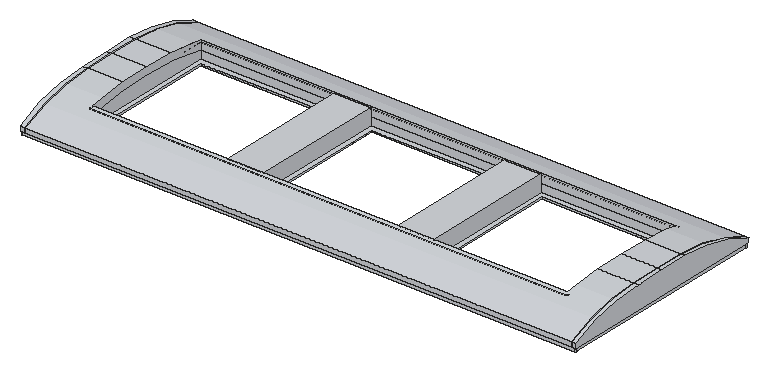
Revit family "Gira_0213334", category Electrical Fixtures, host Face, Revit 2017
Family settings
  Host = Face
  Maintain Annotation Orientation = No
  Round Connector Dimension = Use Diameter
  Part Type = Normal
  Cut with Voids When Loaded = No
  Shared = No
  Room Calculation Point = No
Parameters (values of type "Abdeckrahmen 3f Zwischenr. RW Gira Event Opak Weiß")
  Werkstoffgüte = "Thermoplast"
  Werkstoff = "Kunststoff"
  URL = "http://katalog.gira.de/de_DE/datenblatt.html?artikelnr=0213334"
  Transparent = "No"
  Textfeld/Beschriftungsfläche = "No"
  Schutzart (IP) = "IP20"
  Region = "DE"
  Oberfläche = "sonstige"
  Name = "Abdeckrahmen 3f Zwischenr. RW Gira Event Opak Weiß"
  Montagerichtung = "horizontal und vertikal"
  Mit Montagerahmen = "No"
  Mit Klappdeckel = "No"
  Manufacturer URL = "https://www.gira.de/"
  Keynote = "Event_Rahmen_3fach"
  HeinzeBIM = "https://bimportal.heinze.de/bim/abdeckrahmen-3f-zwischenr-rw-gira-event-opak-weiss/6321fb9fbfd5645d6406d372648f5a5e8b2f496a"
  Halogenfrei = "Yes"
  HAN = "0213334"
  Geeignet für Unterputz-Installation = "Yes"
  Geeignet für Unterflurkanaldose = "No"
  Geeignet für Geräteeinbaukanal = "No"
  Geeignet für Einbauinstallation = "No"
  GTIN = "4010337074403"
  Farbe = "weiß"
  Default Elevation = 1219.2 mm
  Data sheet (1) = "https://katalog.gira.de/de_DE/download.html?artikelnr=0213334"
  Category = "Abdeckrahmen"
  Befestigungsart = "Klemmbefestigung"
  Available = "Yes"
  Ausführung der Oberfläche = "glänzend"
  Anzahl der Einheiten vertikal = "3 "
  Anzahl der Einheiten horizontal = "3 "
  Anzahl der Einheiten = "3 "
Reference planes
  plane 1 "Center (Front/Back)": y = 0
  plane 2: z = 0
  plane 3 "Center (Left/Right)": x = 0
Forms (mm)
  Extrusion 1, solid, detail levels fine
    sketch origin (0, 0, 0.05) x (0, 1, 0) y (0, 0, 1)
      loop
        arc (12.445, 9.683) -> (6.223, 9.833) -> (0, 9.85) r 291.636
        arc (0, 9.85) -> (-6.223, 9.833) -> (-12.445, 9.683) r 291.636
        arc (-12.445, 9.683) -> (-29.14, 7.482) -> (-45, 1.823) r 79.728
        line (-45, 1.823) -> (-45, -0.05) -> (-42.086, -0.05)
        arc (-42.086, -0.05) -> (-21.385, 5.559) -> (0, 7.206) r 114.424
        arc (0, 7.206) -> (21.385, 5.559) -> (42.086, -0.05) r 114.424
        line (42.086, -0.05) -> (45, -0.05) -> (45, 1.823)
        arc (45, 1.823) -> (29.14, 7.482) -> (12.445, 9.683) r 79.728
    from -114.3 to 114.3
  Extrusion 2, void, detail levels fine
    sketch origin (0, 0, 0) x (1, 0, 0) y (0, 1, 0)
      loop
        line (-99.355, -28.053) -> (99.355, -28.053) -> (99.355, 28.053) -> (-99.355, 28.053) -> (-99.355, -28.053)
    from 0.724 to 11
  Extrusion 3, solid, detail levels coarse
    sketch origin (0, 0, 0) x (1, 0, 0) y (0, 1, 0)
      loop
        line (-116.3, 45) -> (-116.3, -45) -> (116.3, -45) -> (116.3, 45) -> (-116.3, 45)
    from -1.5 to 9.9
  Extrusion 4, solid, detail levels medium
    sketch origin (0, 0, 0.05) x (0, 1, 0) y (0, 0, 1)
      loop
        arc (12.445, 9.683) -> (6.223, 9.833) -> (0, 9.85) r 291.636
        arc (0, 9.85) -> (-6.223, 9.833) -> (-12.445, 9.683) r 291.636
        arc (-12.445, 9.683) -> (-29.14, 7.482) -> (-45, 1.823) r 79.728
        line (-45, 1.823) -> (-45, -0.05) -> (45, -0.05) -> (45, 1.823)
        arc (45, 1.823) -> (29.14, 7.482) -> (12.445, 9.683) r 79.728
    from -116.3 to 116.3
  Extrusion 5, solid, detail levels fine
    sketch origin (-71.3, 0, -1.5) x (0, 1, 0) y (0, 0, -1)
      loop
        line (45, -3.373) -> (45, -1.5) -> (-45, -1.5) -> (-45, -3.373)
        arc (-45, -3.373) -> (-29.14, -9.032) -> (-12.445, -11.233) r 79.728
        arc (-12.445, -11.233) -> (-6.223, -11.383) -> (0, -11.4) r 291.636
        arc (0, -11.4) -> (6.223, -11.383) -> (12.445, -11.233) r 291.636
        arc (12.445, -11.233) -> (29.14, -9.032) -> (45, -3.373) r 79.728
    from 43 to 45
  Extrusion 6, solid, detail levels fine
    sketch origin (0, 0, 0) x (1, 0, 0) y (0, 1, 0)
      loop
        line (-97.195, 25.7) -> (-97.195, -25.7) -> (-45.395, -25.7) -> (-45.395, 25.7) -> (-97.195, 25.7)
      loop
        line (25.9, -25.7) -> (25.9, 25.7) -> (-25.9, 25.7) -> (-25.9, -25.7) -> (25.9, -25.7)
      loop
        line (-100.19, 28.49) -> (-100.19, -28.495)
        spline (-100.19, -28.495) -> (-100.181, -28.625) -> (-100.156, -28.754) -> (-100.113, -28.878) -> (-100.056, -28.995) -> (-99.983, -29.104) -> (-99.897, -29.202) -> (-99.798, -29.288) -> (-99.69, -29.361) -> (-99.572, -29.419) -> (-99.448, -29.461) -> (-99.32, -29.486) -> (-99.19, -29.495)
        line (-99.19, -29.495) -> (99.195, -29.495)
        spline (99.195, -29.495) -> (99.325, -29.486) -> (99.454, -29.461) -> (99.578, -29.419) -> (99.695, -29.361) -> (99.804, -29.288) -> (99.902, -29.202) -> (99.988, -29.104) -> (100.061, -28.995) -> (100.119, -28.878) -> (100.161, -28.754) -> (100.186, -28.625) -> (100.195, -28.495)
        line (100.195, -28.495) -> (100.195, 28.49)
        spline (100.195, 28.49) -> (100.186, 28.62) -> (100.161, 28.748) -> (100.119, 28.872) -> (100.061, 28.99) -> (99.988, 29.098) -> (99.902, 29.197) -> (99.804, 29.283) -> (99.695, 29.356) -> (99.578, 29.413) -> (99.454, 29.456) -> (99.325, 29.481) -> (99.195, 29.49)
        line (99.195, 29.49) -> (-99.19, 29.49)
        spline (-99.19, 29.49) -> (-99.32, 29.481) -> (-99.448, 29.456) -> (-99.572, 29.413) -> (-99.69, 29.356) -> (-99.798, 29.283) -> (-99.897, 29.197) -> (-99.983, 29.098) -> (-100.056, 28.99) -> (-100.113, 28.872) -> (-100.156, 28.748) -> (-100.181, 28.62) -> (-100.19, 28.49)
      loop
        line (97.2, -25.7) -> (97.2, 25.7) -> (45.4, 25.7) -> (45.4, -25.7) -> (97.2, -25.7)
    from 0.1 to 7.3
  Extrusion 7, solid
    sketch origin (0, 0, 0) x (1, 0, 0) y (0, 1, 0)
      loop
        arc (-116, -44.2) -> (-115.854, -44.554) -> (-115.5, -44.7) r 0.5
        line (-115.5, -44.7) -> (115.5, -44.7)
        arc (115.5, -44.7) -> (115.854, -44.554) -> (116, -44.2) r 0.5
        line (116, -44.2) -> (116, 44.2)
        arc (116, 44.2) -> (115.854, 44.554) -> (115.5, 44.7) r 0.5
        line (115.5, 44.7) -> (-115.5, 44.7)
        arc (-115.5, 44.7) -> (-115.854, 44.554) -> (-116, 44.2) r 0.5
        line (-116, 44.2) -> (-116, -44.2)
      loop
        line (-114.3, 43) -> (-114.3, -43) -> (114.3, -43) -> (114.3, 43) -> (-114.3, 43)
    from -1.5 to 0.5
  Extrusion 8, solid, detail levels fine
    sketch origin (71.3, 0, -1.5) x (0, 1, 0) y (0, 0, 1)
      loop
        arc (45, 3.373) -> (29.14, 9.032) -> (12.445, 11.233) r 79.728
        arc (12.445, 11.233) -> (6.223, 11.383) -> (0, 11.4) r 291.636
        arc (0, 11.4) -> (-6.223, 11.383) -> (-12.445, 11.233) r 291.636
        arc (-12.445, 11.233) -> (-29.14, 9.032) -> (-45, 3.373) r 79.728
        line (-45, 3.373) -> (-45, 1.5) -> (45, 1.5) -> (45, 3.373)
    from 43 to 45
  Extrusion 9, solid, detail levels medium
    sketch origin (0, 0, 0) x (1, 0, 0) y (0, 1, 0)
      loop
        line (-116, -44.7) -> (116, -44.7) -> (116, 44.7) -> (-116, 44.7) -> (-116, -44.7)
    from -1.5 to 0.5
  Extrusion 10, solid, detail levels fine
    sketch origin (-34.207, 0, 0) x (1, 0, 0) y (0, 1, 0)
      loop
        line (-8.943, 28.063) -> (-8.943, -27.937) -> (6.057, -27.937) -> (6.057, 28.063) -> (-8.943, 28.063)
    from 0.724 to 7.566
  Extrusion 11, solid, detail levels fine
    sketch origin (34.207, 0, 0) x (-1, 0, 0) y (0, -1, 0)
      loop
        line (-8.943, -28.063) -> (6.057, -28.063) -> (6.057, 27.937) -> (-8.943, 27.937) -> (-8.943, -28.063)
    from 0.724 to 7.566
Cuts and joins
  Extrusion 2 cuts Extrusion 1
  Extrusion 2 cuts Extrusion 6
Dimensions and locks
  aligned and locked: plane 2 to host face
  aligned and locked: level to host face
